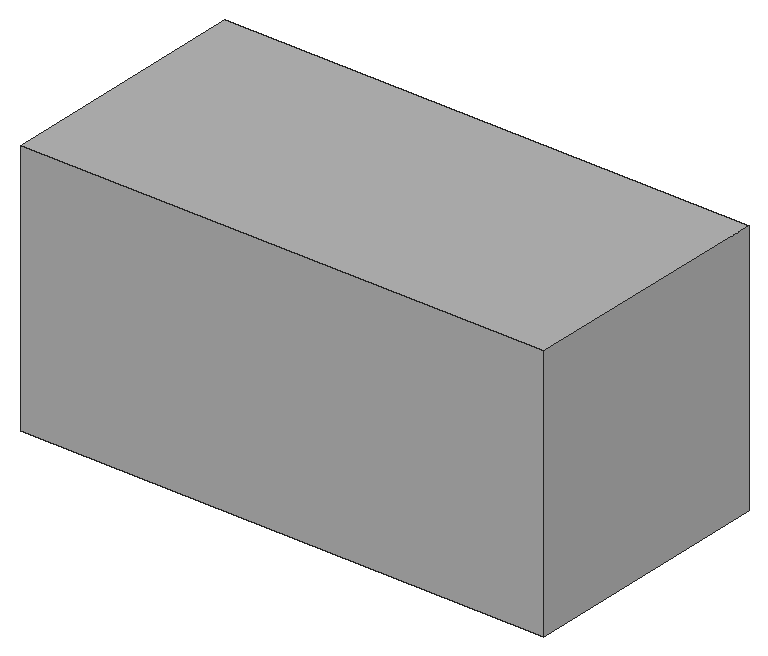
Revit family "215x215x440mm Padstone -PS103", category Generic Models, Revit 2020
Family settings
  Can host rebar = No
  Round Connector Dimension = Use Diameter
  Part Type = Normal
  Work Plane-Based = No
  Always vertical = Yes
  Cut with Voids When Loaded = No
  Shared = No
  Room Calculation Point = No
Parameters
  Weight = "49Kg"
  Warranty Guarantor Parts = "n/a"
  Warranty Guarantor Labour = "n/a"
  Warranty Duration Unit = "n/a"
  Warranty Duration Parts = "n/a"
  Warranty Duration Labour = "n/a"
  Warranty Description = "n/a"
  Unit Width [instance] = 215 mm
  Unit Length [instance] = 440 mm
  Unit Height [instance] = 215 mm
  URL = "www.killeshal.com"
  Types = "Single"
  Type Comments = "Visit our website for a full list of available products."
  Sustainability Performance = "n/a"
  Structural Class = "n/a"
  Span = "Length."
  Slope = "0.00°"
  Size = "215 Wide x 215 High x 440mm Long."
  Shape = "As per drawing"
  Service Life = "0.000000"
  Serial Number = "n/a"
  Resistance to Fire = "n/a"
  Replacement Cost = "n/a"
  Reference = "n/a"
  Notified Body = "n/a"
  Nominal Cover to Main Bar = "n/a"
  Model = "P/103 Padstone."
  Mechanical Resistance = "n/a"
  Manufacturer = "Killeshal Precast Concrete Ltd."
  Load Bearing = yes
  Life Cycle Environmental Load = "n/a"
  Length Options = "Stock sizes available. Custom sizes made to order."
  Keynote = "The information contained is the sole property of KPC Ltd., any reproduction in part or whole without permission of KPC Ltd. is prohibited."
  Environmental Product Declaration = "n/a"
  Environmental Class = "n/a"
  Durability against Corrosion = "n/a"
  Dimension Accuracy Class = "n/a"
  Detailing = "As per design specification and product drawings."
  Description = "Padstone 215 x 215 x 440mm."
  Default Elevation = 0 mm
  Dangerous Substances = "n/a"
  Contact Tel = "0035357 9353018"
  Contact Email = "sales@killeshal.com"
  Construction Type = "Precast"
  Construction Tolerance Class = "n/a"
  Compressive Strength of Concrete = "40N/mm²"
  Characteristics of Reinforcing Steel = "n/a"
  Characteristics Deflection Under Load = "n/a"
Reference planes
  plane 1 "Center (Front/Back)": y = 0
  plane 2: z = 0
  plane 3 "Center (Left/Right)": x = 0
  plane 4 "Rear": y = 107.5
  plane 5 "Front": y = -107.5
  plane 6 "Top": z = 215
Forms (mm)
  Extrusion 1, solid, material "Precast Concrete (KPC)"
    sketch origin (0, 0, 0) x (0, 1, 0) y (0, 0, 1)
      loop
        line (107.5, 0) -> (107.5, 215) -> (-107.5, 215) -> (-107.5, 0) -> (107.5, 0)
    from 0 to 440
Dimensions and locks
  "Unit Length": Extrusion 1 to Extrusion 1
  "Unit Width": Extrusion 1 to Extrusion 1
  "Unit Height": Extrusion 1 to Extrusion 1
  aligned and locked: level to plane 2
Automatic sketch dimensions
  Extrusion 1 sketch curve to level = 0 mm
  Extrusion 1 sketch curve to plane 5 "Front" = 0 mm
  Extrusion 1 sketch curve to plane 4 "Rear" = 0 mm
  Extrusion 1 sketch curve to plane 6 "Top" = 0 mm
